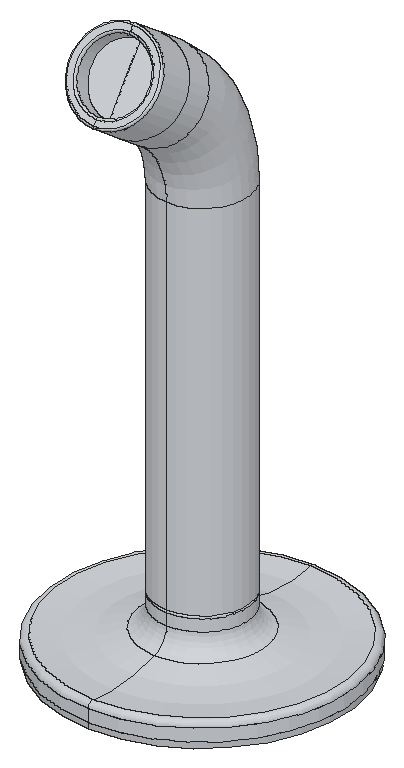
Revit family "Faucet-Wall_Mount-Bath_Spout-KOHLER-Purist-K-14426A_1", category Plumbing Fixtures, host Face, Revit 2017
Family settings
  Host = Face
  Round Connector Dimension = Use Diameter
  Part Type = Normal
  OmniClass Number = 23.31.11.00
  OmniClass Title = Faucets
  Cut with Voids When Loaded = No
  Shared = No
  Room Calculation Point = No
Parameters (values of type "CP-Polished Chrome")
  Width = 4"  # constant formula
  WaterSense Certified = 1 = 0  # no
  Waste Water Outlet = "Waste Water Outlet"  # constant formula
  Waste Connection = 1 = 0  # no
  Vent Connection = 1 = 0  # no
  URL = "https://www.kohlerasiapacific.com/"
  Type = 1
  Spout Reach = 8"  # constant formula
  Product Page URL = ""
  Product Name = "Purist"  # constant formula
  Product Documentation Link = ""
  Pressure = 0.00 psi
  Model = if(Type = 1, "K-14426A-CP", if(Type = 2, "K-14426A-BN", if(Type = 3, "K-14426A-BV", if(Type = 4, "K-14426A-PGD", if(Type = 5, "K-14426A-RGD", "NA")))))  # "K-14426A-CP"
  Material = "Premium Metal Construction"  # constant formula
  Master Format 2014 Name = "Residential Faucets, Supplies, and Trim"  # constant formula
  Master Format 2014 = "22 41 39"  # constant formula
  Manufacturer Address = "No. 158 Jiang Chang San Road, Zhabei District, Shanghai, China"  # constant formula
  Manufacturer = "KOHLER Co."  # constant formula
  Length = Spout Reach  # 8"
  Hot Water Inlet = "Tempered Water Inlet"  # constant formula
  Height = 4"  # constant formula
  HW Connection = 1 = 1  # yes
  Flow Rate = 0 GPM
  Finish = Kohler-Metal-CP-Polished_Chrome
  Environmental Product Declaration = ""
  Drain Included = 1 = 0  # no
  Description = "Wall-mount non-diverter bath spout, 35-degrees"  # constant formula
  Default Elevation = 36"
  Declare Label = ""
  Date Modified = "07/31/2020"  # constant formula
  Date Created = "07/31/2020"  # constant formula
  Copyright = "Copyright KOHLER Co."  # constant formula
  Contact Us = "https://www.kohlerasiapacific.com/contact-us"
  Cold Water Inlet = "Cold Water Inlet"  # constant formula
  CW Connection = 1 = 0  # no
  Assembly Code = "D2010"
  ADA Compliant = 1 = 0  # no
Types (6): name | Type | Model | Finish
  (no name) | 1 | "K-14426A-CP" | Kohler-Metal-CP-Polished_Chrome
  CP-Polished Chrome | 1 | "K-14426A-CP" | Kohler-Metal-CP-Polished_Chrome
  BN-Vibrant Brushed Nickel | 2 | "K-14426A-BN" | Kohler-Metal-BN-Vibrant_Brushed_Nickel
  BV-Brushed Bronze | 3 | "K-14426A-BV" | Kohler-Metal-BV-Brushed_Bronze
  PGD-Modern Polished Gold | 4 | "K-14426A-PGD" | Kohler-Metal-PGD-Modern_Polished_Gold
  RGD-Polished Rose Gold | 5 | "K-14426A-RGD" | Kohler-Metal-RGD-Polished_Rose_Gold
Reference planes (in)
  plane 1 "Center (Front/Back)": y = 0
  plane 2: z = 0
  plane 3 "Center (Left/Right)": x = 0
  plane 4: x = 1.99996
  plane 5: x = -2.00004
  plane 6: y = 1.99996
  plane 7: y = -2.00004
  plane 8: y = 0.625
  plane 9: y = -0.73702
  plane 10: x = -0.625
  plane 11: x = 0.625
  plane 12: z = 8.5
  plane 13: z = 8.20512
  plane 14: z = 0.89921
  plane 15: z = 0.33935
  plane 16: y = -0.625
  plane 17: z = 8
Dimensions and locks (in)
  "Height": plane 7 to plane 6
  "Width": plane 5 to plane 4
  "Spout Reach": plane 17 to level
  aligned and locked: plane 2 to host face
  aligned and locked: level to host face
Automatic sketch dimensions
  host sketch curve to host sketch curve = 96"  (x2)
Nested families (in)
  nested 1: "K-14426A" at (0, 0, 0), type "K-14426A"
Connectors (in)
  piping at (0, 0, 0), diameter 0.5, driven by "Flow Rate", driven by "HW Connection", driven by "Hot Water Inlet"
    settings: on nested 1, index 1, connector inside diameter 24", connector length 0", flow factor 0, pipe flow 0 GPM, pressure drop 0.00 psi, fitting loss kfactor 0, connector angle 0.00°, fixture units 0, engagement length 0", angle of deflection 0.00°, flow configuration 0, flow direction 1, fitting loss method 0, system type 19, joint type 0, gender type 0, connector reference index -1, connector utility 1, adjustable connector no, is connector primary yes, connector description "Tempered Water Inlet"
Definition of nested family "K-14426A"
  Parameters (values of type "K-14426A")
    Material = none
  Reference planes (in)
    plane 1 "Center (Front/Back)": y = 0
    plane 2: z = 0
    plane 3 "Center (Left/Right)": x = 0
  Forms (in)
    Revolve 1, solid, material <- "Material", detail levels medium+fine
      sketch origin (0, 0, 0) x (0, 1, 0) y (0, 0, 1)
        loop
          line (1.98413, 0) -> (1.99996, 0.08977) -> (1.99996, 0.26098)
          arc (1.99996, 0.26098) -> (1.97146, 0.32144) -> (1.90668, 0.33792) r 0.07837
          arc (1.90668, 0.33792) -> (1.36258, 0.30516) -> (0.82863, 0.41474) r 2.08198
          arc (0.82863, 0.41474) -> (0.68111, 0.52527) -> (0.625, 0.70086) r 0.30282
          line (0.625, 0.70086) -> (0.625, 0.86659)
          arc (0.625, 0.86659) -> (0.61545, 0.88965) -> (0.59238, 0.89921) r 0.03262
          line (0.59238, 0.89921) -> (0, 0.89921) -> (0, 0) -> (1.98413, 0)
        axis (0, 0.89921) -> (0, 0)
      angle from 0 to 360
    Sweep 2, solid, material <- "Material", detail levels medium+fine
      path origin (0, 0, 0) x (0, 1, 0) y (0, 0, 1)
        loop
          line (0, 0.89921) -> (0, 6.02921)
          arc (0, 6.02921) -> (-0.19773, 6.83727) -> (-0.74624, 7.46272) r 1.75
          line (-0.74624, 7.46272) -> (-1.09029, 7.70363)
      profile origin (0, 0, 0.89921) x (0, -1, 0) y (1, 0, 0)
        loop
          circle (0, 0) r 0.625
    Revolve 3, solid, material <- "Material", detail levels medium+fine
      sketch origin (0, 0, 0) x (0, 1, 0) y (0, 0, 1)
        loop
          line (-1.21355, 8.52135) -> (-1.26281, 8.451)
          arc (-1.26281, 8.451) -> (-1.26748, 8.42993) -> (-1.25588, 8.41173) r 0.0282
          line (-1.25588, 8.41173) -> (-1.0742, 8.28451) -> (-1.35241, 7.88717) -> (-1.09029, 7.70363) -> (-0.7318, 8.2156) -> (-1.17753, 8.5277)
          arc (-1.17753, 8.5277) -> (-1.19686, 8.53199) -> (-1.21355, 8.52135) r 0.02586
        axis (-1.5572, 8.03056) -> (-1.09029, 7.70363)
      angle from 0 to 360
    Extrusion 4, solid, material <- "Material", detail levels medium+fine
      sketch origin (0, 0, 0) x (1, 0, 0) y (0, 1, 0)
        loop
          circle (0, 0) r 0.25
      from 0 to 0.08977
    Extrusion 5, solid, material <- "Material", detail levels coarse
      sketch origin (0, 0, 0) x (1, 0, 0) y (0, 1, 0)
        loop
          circle (0, 0) r 1.99996
      from 0 to 0.3441
    Sweep 6, solid, material <- "Material", detail levels coarse
      path origin (0, 0, 0) x (0, 1, 0) y (0, 0, 1)
        loop
          line (0, 0.3441) -> (0, 6.02921)
          arc (0, 6.02921) -> (-0.19773, 6.83727) -> (-0.74624, 7.46272) r 1.75
          line (-0.74624, 7.46272) -> (-1.55849, 8.03146)
      profile origin (0, 0, 0.3441) x (0, -1, 0) y (1, 0, 0)
        loop
          circle (0, 0) r 0.625
  Cuts and joins
    joined: Revolve 1, Sweep 2
    joined: Extrusion 5, Sweep 6
  Lines and regions (in)
    Masking region 1
      outline origin (0, 0, 0) x (0, 1, 0) y (0, 0, 1)
        loop
          line (1.98413, 0) -> (1.99996, 0.08977) -> (1.99996, 0.26163)
          arc (1.99996, 0.26163) -> (1.97719, 0.31659) -> (1.92224, 0.33935) r 0.07772
          line (1.92224, 0.33935) -> (1.10825, 0.33935)
          arc (1.10825, 0.33935) -> (0.96091, 0.37315) -> (0.81738, 0.42055) r 1.61829
          arc (0.81738, 0.42055) -> (0.67774, 0.53048) -> (0.625, 0.7002) r 0.29945
          line (0.625, 0.7002) -> (0.625, 0.86821)
          arc (0.625, 0.86821) -> (0.61534, 0.89071) -> (0.59238, 0.89921) r 0.03104
          line (0.59238, 0.89921) -> (0.625, 0.89921) -> (0.625, 6.03257)
          arc (0.625, 6.03257) -> (0.35738, 7.12624) -> (-0.385, 7.97277) r 2.36855
          line (-0.385, 7.97277) -> (-1.17682, 8.5272) -> (-1.21405, 8.52064) -> (-1.90035, 7.54049) -> (-1.89379, 7.50326) -> (-1.1036, 6.94997)
          arc (-1.1036, 6.94997) -> (-0.75182, 6.54883) -> (-0.625, 6.03058) r 1.12237
          line (-0.625, 6.03058) -> (-0.625, 0.89921) -> (-0.59238, 0.89921)
          arc (-0.59238, 0.89921) -> (-0.61534, 0.89071) -> (-0.625, 0.86821) r 0.03104
          line (-0.625, 0.86821) -> (-0.625, 0.7002)
          arc (-0.625, 0.7002) -> (-0.67774, 0.53048) -> (-0.81738, 0.42055) r 0.29945
          arc (-0.81738, 0.42055) -> (-0.96091, 0.37315) -> (-1.10825, 0.33935) r 1.61829
          line (-1.10825, 0.33935) -> (-1.92224, 0.33935)
          arc (-1.92224, 0.33935) -> (-1.97719, 0.31659) -> (-1.99996, 0.26163) r 0.07772
          line (-1.99996, 0.26163) -> (-1.99996, 0.08977) -> (-1.98413, 0) -> (1.98413, 0)
    Masking region 2
      outline origin (0, 0, 0) x (1, 0, 0) y (0, 0, 1)
        loop
          line (1.98413, 0) -> (1.99996, 0.08977) -> (1.99996, 0.26163)
          arc (1.99996, 0.26163) -> (1.97719, 0.31659) -> (1.92224, 0.33935) r 0.07772
          line (1.92224, 0.33935) -> (1.10825, 0.33935)
          arc (1.10825, 0.33935) -> (0.96091, 0.37315) -> (0.81738, 0.42055) r 1.61829
          arc (0.81738, 0.42055) -> (0.67774, 0.53048) -> (0.625, 0.7002) r 0.29945
          line (0.625, 0.7002) -> (0.625, 0.86821)
          arc (0.625, 0.86821) -> (0.61534, 0.89071) -> (0.59238, 0.89921) r 0.03104
          line (0.59238, 0.89921) -> (0.625, 0.89921) -> (0.625, 8.014)
          spline (0.625, 8.014) -> (0.6037, 8.14651) -> (0.54127, 8.26999) -> (0.44194, 8.37602) -> (0.3125, 8.45738) -> (0.16176, 8.50853) -> (0, 8.52597) -> (-0.16176, 8.50853) -> (-0.3125, 8.45738) -> (-0.44194, 8.37602) -> (-0.54127, 8.26999) -> (-0.6037, 8.14651) -> (-0.625, 8.014)
          line (-0.625, 8.014) -> (-0.625, 0.89921) -> (-0.59238, 0.89921)
          arc (-0.59238, 0.89921) -> (-0.61534, 0.89071) -> (-0.625, 0.86821) r 0.03104
          line (-0.625, 0.86821) -> (-0.625, 0.7002)
          arc (-0.625, 0.7002) -> (-0.67774, 0.53048) -> (-0.81738, 0.42055) r 0.29945
          arc (-0.81738, 0.42055) -> (-0.96091, 0.37315) -> (-1.10825, 0.33935) r 1.61829
          line (-1.10825, 0.33935) -> (-1.92224, 0.33935)
          arc (-1.92224, 0.33935) -> (-1.97719, 0.31659) -> (-1.99996, 0.26163) r 0.07772
          line (-1.99996, 0.26163) -> (-1.99996, 0.08977) -> (-1.98413, 0) -> (1.98413, 0)
    Masking region 3
      outline origin (0, 0, 0) x (1, 0, 0) y (0, 1, 0)
        loop
          circle (0, 0) r 1.99996
    symbolic lines, detail levels medium+fine
      curve 1: line (0, 1.10825, 0.33935) -> (0, -1.10825, 0.33935)
      curve 2: line (0, 0.59238, 0.89921) -> (0, -0.59238, 0.89921)
      curve 3: line (0, -0.7318, 8.2156) -> (0, -1.44877, 7.19166)
      curve 4: line (0, 1.99996, 0.08977) -> (0, -1.99996, 0.08977)
      curve 5: line (1.99996, 0, 0.08977) -> (-1.99996, 0, 0.08977)
      curve 6: line (1.10825, 0, 0.33935) -> (-1.10825, 0, 0.33935)
      curve 7: line (0.59238, 0, 0.89921) -> (-0.59238, 0, 0.89921)
      curve 8: spline (0.625, 0, 7.70363) -> (0.6037, 0, 7.83613) -> (0.54127, 0, 7.95961) -> (0.44194, 0, 8.06564) -> (0.3125, 0, 8.147) -> (0.16176, 0, 8.19815) -> (0, 0, 8.2156) -> (-0.16176, 0, 8.19815) -> (-0.3125, 0, 8.147) -> (-0.44194, 0, 8.06564) -> (-0.54127, 0, 7.95961) -> (-0.6037, 0, 7.83613) -> (-0.625, 0, 7.70363)
      curve 9: spline (0.48506, -1.5572, 0) -> (0.46853, -1.62921, 0) -> (0.42007, -1.69631, 0) -> (0.34299, -1.75393, 0) -> (0.24253, -1.79815, 0) -> (0.12554, -1.82594, 0) -> (0, -1.83542, 0) -> (-0.12554, -1.82594, 0) -> (-0.24253, -1.79815, 0) -> (-0.34299, -1.75393, 0) -> (-0.42007, -1.69631, 0) -> (-0.46853, -1.62921, 0) -> (-0.48506, -1.5572, 0) -> (-0.46853, -1.48519, 0) -> (-0.42007, -1.41809, 0) -> (-0.34299, -1.36047, 0) -> (-0.24253, -1.31626, 0) -> (-0.12554, -1.28846, 0) -> (0, -1.27898, 0) -> (0.12554, -1.28846, 0) -> (0.24253, -1.31626, 0) -> (0.34299, -1.36047, 0) -> (0.42007, -1.41809, 0) -> (0.46853, -1.48519, 0) -> (0.48506, -1.5572, 0)
      curve 10: spline (0.48455, -1.5445, 0) -> (0.46342, -1.61399, 0) -> (0.4125, -1.67818, 0) -> (0.33507, -1.73298, 0) -> (0.23611, -1.77484, 0) -> (0.12197, -1.80109, 0) -> (0, -1.81003, 0) -> (-0.12197, -1.80109, 0) -> (-0.23611, -1.77484, 0) -> (-0.33507, -1.73298, 0) -> (-0.4125, -1.67818, 0) -> (-0.46342, -1.61399, 0) -> (-0.48455, -1.5445, 0)
      curve 11: spline (0.59827, -1.5572, 0) -> (0.57788, -1.64602, 0) -> (0.51812, -1.72878, 0) -> (0.42304, -1.79985, 0) -> (0.29913, -1.85438, 0) -> (0.15484, -1.88866, 0) -> (0, -1.90035, 0) -> (-0.15484, -1.88866, 0) -> (-0.29913, -1.85438, 0) -> (-0.42304, -1.79985, 0) -> (-0.51812, -1.72878, 0) -> (-0.57788, -1.64602, 0) -> (-0.59827, -1.5572, 0) -> (-0.57788, -1.46839, 0) -> (-0.51812, -1.38563, 0) -> (-0.42304, -1.31456, 0) -> (-0.29913, -1.26002, 0) -> (-0.15484, -1.22574, 0) -> (0, -1.21405, 0) -> (0.15484, -1.22574, 0) -> (0.29913, -1.26002, 0) -> (0.42304, -1.31456, 0) -> (0.51812, -1.38563, 0) -> (0.57788, -1.46839, 0) -> (0.59827, -1.5572, 0)
      curve 12: spline (-0.43474, -1.79294, 0) -> (-0.57115, -1.67776, 0) -> (-0.61999, -1.54137, 0) -> (-0.57379, -1.40468, 0) -> (-0.43962, -1.28864, 0) -> (-0.23806, -1.21104, 0) -> (0, -1.18378, 0) -> (0.23806, -1.21104, 0) -> (0.43962, -1.28864, 0) -> (0.57379, -1.40468, 0) -> (0.61999, -1.54137, 0) -> (0.57115, -1.67776, 0) -> (0.43474, -1.79294, 0)
      curve 13: spline (0.62, -1.13554, 0) -> (0.61738, -1.03447, 0) -> (0.56568, -0.93785, 0) -> (0.46901, -0.85334, 0) -> (0.33505, -0.78766, 0) -> (0.17446, -0.74605, 0) -> (0, -0.7318, 0) -> (-0.17446, -0.74605, 0) -> (-0.33505, -0.78766, 0) -> (-0.46901, -0.85334, 0) -> (-0.56568, -0.93785, 0) -> (-0.61738, -1.03447, 0) -> (-0.62, -1.13554, 0)
      curve 14: spline (-0.62, -1.09029, 0) -> (-0.59887, -0.99824, 0) -> (-0.53694, -0.91248, 0) -> (-0.43841, -0.83883, 0) -> (-0.31, -0.78231, 0) -> (-0.16047, -0.74679, 0) -> (0, -0.73467, 0) -> (0.16047, -0.74679, 0) -> (0.31, -0.78231, 0) -> (0.43841, -0.83883, 0) -> (0.53694, -0.91248, 0) -> (0.59887, -0.99824, 0) -> (0.62, -1.09029, 0)
      curve 15: arc (-0.625, 0, 0) -> (0, 0.625, 0) -> (0.625, 0, 0) r 0.625
      curve 16: line (-0.62, -1.5394, 0) -> (-0.62, -1.09029, 0)
      curve 17: line (0.62, -1.5394, 0) -> (0.62, -1.09029, 0)
      curve 18: line (-0.625, 0, 0) -> (-0.625, -1.09029, 0)
      curve 19: line (0.625, 0, 0) -> (0.625, -1.09029, 0)
  Dimensions and locks (in)
    aligned and locked: plane 2 to level
